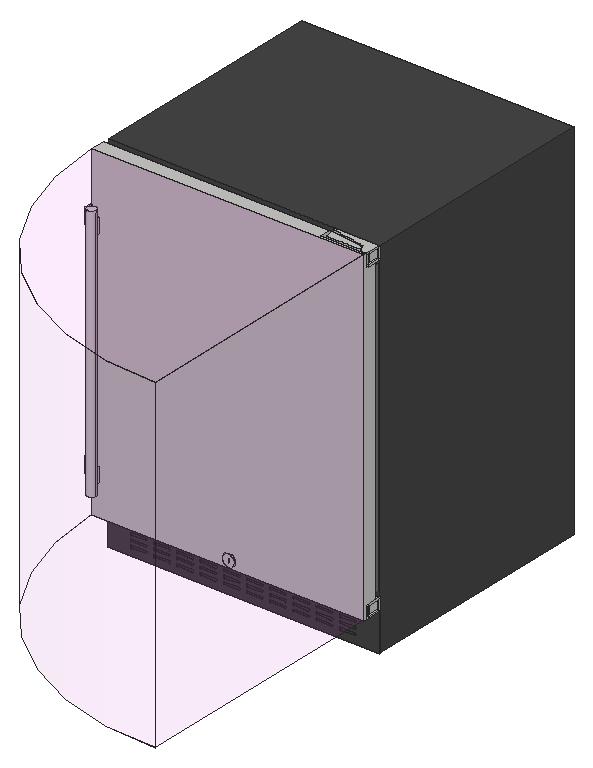
Revit family "QF_Summit_AL54_ADA_Compliant_All_Refrigerator", category Specialty Equipment, Revit 2020 (continued)
Automatic sketch dimensions
  Extrusion 28 sketch curve to Extrusion 28 sketch curve = 0.25294"
  Extrusion 28 sketch curve to Extrusion 28 sketch curve = 0.0578"
  Extrusion 1 to Extrusion 28 sketch curve = 0.6555"
  Extrusion 28 sketch curve to Extrusion 28 sketch curve = 0.6099"
  Extrusion 28 sketch curve to Extrusion 28 sketch curve = 0.73171"
  Extrusion 1 to Extrusion 28 sketch curve = 0.09747"
  Extrusion 28 sketch curve to Extrusion 28 sketch curve = 2.52979"
  Extrusion 1 to Extrusion 28 sketch curve = 0.25097"
  Extrusion 28 sketch curve to Extrusion 28 sketch curve = 0.02431"
  Extrusion 28 sketch curve to Extrusion 28 sketch curve = 0.50276"
  Extrusion 28 sketch curve to Extrusion 28 sketch curve = 0.06674"
  Extrusion 29 sketch curve to plane 13 = 3/8"
  Extrusion 29 sketch curve to plane 4 "RIGHT" = 1 1/4"
  Extrusion 30 sketch curve to Extrusion 30 sketch curve = 0"  (x6)
  Extrusion 30 sketch curve to plane 4 "RIGHT" = 0"
  Extrusion 30 sketch curve to plane 4 "RIGHT" = 0.04264"
  Extrusion 30 sketch curve to Extrusion 30 sketch curve = 0.05736"  (x2)
  Extrusion 30 sketch curve to plane 4 "RIGHT" = 0.89527"
  Extrusion 30 sketch curve to Extrusion 30 sketch curve = 0.06658"
  Extrusion 30 sketch curve to Extrusion 30 sketch curve = 0.28815"
  Extrusion 30 sketch curve to Extrusion 30 sketch curve = 1/4"
  plane 4 "RIGHT" to Extrusion 30 sketch curve = 0.025"
  plane 4 "RIGHT" to Extrusion 30 sketch curve = 0.08236"
  plane 4 "RIGHT" to Extrusion 30 sketch curve = 1/8"
  plane 5 "FRONT" to Extrusion 30 sketch curve = 0.49314"
  Extrusion 30 sketch curve to plane 5 "FRONT" = 0.50686"
  Extrusion 30 sketch curve to Extrusion 30 sketch curve = 0.06507"
  Extrusion 30 sketch curve to plane 13 = 0.89612"
  Extrusion 30 sketch curve to Extrusion 30 sketch curve = 0.08192"
  Extrusion 30 sketch curve to Extrusion 30 sketch curve = 0.08811"
  Extrusion 30 sketch curve to Extrusion 30 sketch curve = 0.1535"
  Extrusion 30 sketch curve to Extrusion 30 sketch curve = 51/256"
  Extrusion 31 sketch curve to Extrusion 31 sketch curve = 0"  (x6)
  Extrusion 31 sketch curve to plane 4 "RIGHT" = 0"
  Extrusion 31 sketch curve to plane 4 "RIGHT" = 0.04264"
  Extrusion 31 sketch curve to Extrusion 31 sketch curve = 0.05736"  (x2)
  Extrusion 31 sketch curve to plane 4 "RIGHT" = 0.89527"
  Extrusion 31 sketch curve to Extrusion 31 sketch curve = 0.06658"
  Extrusion 31 sketch curve to Extrusion 31 sketch curve = 0.28815"
  Extrusion 31 sketch curve to Extrusion 31 sketch curve = 1/4"
  plane 4 "RIGHT" to Extrusion 31 sketch curve = 0.025"
  plane 4 "RIGHT" to Extrusion 31 sketch curve = 0.08236"
  Extrusion 31 sketch curve to Extrusion 31 sketch curve = 0.04264"
  plane 5 "FRONT" to Extrusion 31 sketch curve = 0.49314"
  Extrusion 31 sketch curve to plane 5 "FRONT" = 0.50686"
  Extrusion 31 sketch curve to Extrusion 31 sketch curve = 0.06507"
  Extrusion 31 sketch curve to plane 13 = 0.89612"
  Extrusion 31 sketch curve to Extrusion 31 sketch curve = 0.08192"
  Extrusion 31 sketch curve to Extrusion 31 sketch curve = 0.08811"
  Extrusion 31 sketch curve to Extrusion 31 sketch curve = 0.1535"
  Extrusion 31 sketch curve to Extrusion 31 sketch curve = 51/256"
  Extrusion 32 sketch curve to plane 3 "LEFT" = 0"
  Extrusion 32 sketch curve to plane 11 = 0"
  Extrusion 32 sketch curve to plane 11 = 0.09747"
  Extrusion 32 sketch curve to Extrusion 32 sketch curve = 0.15349"
  Extrusion 32 sketch curve to plane 11 = 0.6555"
  Extrusion 32 sketch curve to plane 5 "FRONT" = 0.59174"
  Extrusion 32 sketch curve to Extrusion 32 sketch curve = 0.06674"
  Extrusion 32 sketch curve to Extrusion 32 sketch curve = 0.1588"
  Extrusion 32 sketch curve to plane 5 "FRONT" = 0.32542"
  plane 3 "LEFT" to Extrusion 32 sketch curve = 0.26917"
  Extrusion 32 sketch curve to Extrusion 32 sketch curve = 0.0578"
  Extrusion 32 sketch curve to Extrusion 32 sketch curve = 0.6099"
  Extrusion 32 sketch curve to Extrusion 32 sketch curve = 2.52979"
  Extrusion 32 sketch curve to Extrusion 32 sketch curve = 0.02431"
  Extrusion 28 to Extrusion 33 sketch curve = 0.26535"
  Extrusion 28 to Extrusion 33 sketch curve = 1.20502"
  Extrusion 34 sketch curve to Extrusion 28 = 0"  (x3)
  Extrusion 34 sketch curve to Extrusion 28 = 0.85777"
  Extrusion 35 sketch curve to Extrusion 28 = 0"
  Extrusion 28 to Extrusion 35 sketch curve = 1/8"  (x2)
  Extrusion 28 to Extrusion 35 sketch curve = 0.9457"
  plane 3 "LEFT" to Extrusion 36 sketch curve = 0.26535"
  Extrusion 36 sketch curve to plane 5 "FRONT" = 0.54498"
  Extrusion 37 sketch curve to plane 11 = 1/8"
  plane 3 "LEFT" to Extrusion 37 sketch curve = 3 7/8"
  plane 3 "LEFT" to Extrusion 37 sketch curve = 1/8"
  Extrusion 37 sketch curve to plane 5 "FRONT" = 0.8043"
  Extrusion 38 sketch curve to plane 3 "LEFT" = 0"
  Extrusion 38 sketch curve to plane 11 = 0"
  Extrusion 38 sketch curve to plane 11 = 0.09747"
  Extrusion 38 sketch curve to Extrusion 38 sketch curve = 0.15349"
  Extrusion 38 sketch curve to plane 11 = 0.6555"
  Extrusion 38 sketch curve to plane 5 "FRONT" = 0.59174"
  Extrusion 38 sketch curve to Extrusion 38 sketch curve = 0.06674"
  Extrusion 38 sketch curve to Extrusion 38 sketch curve = 0.1588"
  Extrusion 38 sketch curve to plane 5 "FRONT" = 0.32542"
  plane 3 "LEFT" to Extrusion 38 sketch curve = 0.26917"
  Extrusion 38 sketch curve to Extrusion 38 sketch curve = 0.0578"
  Extrusion 38 sketch curve to Extrusion 38 sketch curve = 0.6099"
  Extrusion 38 sketch curve to Extrusion 38 sketch curve = 2.52979"
  Extrusion 38 sketch curve to Extrusion 38 sketch curve = 0.02431"
  Extrusion 39 sketch curve to plane 3 "LEFT" = 0"
  Extrusion 39 sketch curve to plane 11 = 0"
  plane 3 "LEFT" to Extrusion 39 sketch curve = 0.26917"
  Extrusion 39 sketch curve to plane 5 "FRONT" = 0.43294"
  Extrusion 39 sketch curve to Extrusion 39 sketch curve = 0.25294"
  Extrusion 39 sketch curve to Extrusion 39 sketch curve = 0.0578"
  Extrusion 39 sketch curve to plane 11 = 0.6555"
  Extrusion 39 sketch curve to Extrusion 39 sketch curve = 0.6099"
  Extrusion 39 sketch curve to plane 5 "FRONT" = 0.32542"
  Extrusion 39 sketch curve to Extrusion 39 sketch curve = 0.73171"
  Extrusion 39 sketch curve to plane 11 = 0.09747"
  Extrusion 39 sketch curve to Extrusion 39 sketch curve = 2.52979"
  Extrusion 39 sketch curve to plane 11 = 0.25097"
  Extrusion 39 sketch curve to Extrusion 39 sketch curve = 0.02431"
  Extrusion 38 to Extrusion 40 sketch curve = 0"  (x2)
  Extrusion 40 sketch curve to Extrusion 38 = 0"
  Extrusion 40 sketch curve to Extrusion 40 sketch curve = 0.85777"
  Extrusion 41 sketch curve to plane 3 "LEFT" = 0"
  plane 5 "FRONT" to Extrusion 41 sketch curve = 0"
  Extrusion 41 sketch curve to plane 4 "RIGHT" = 0"
  Extrusion 41 sketch curve to plane 3 "LEFT" = 0.98977"
  Extrusion 42 sketch curve to Extrusion 2 = 0"  (x3)
  Extrusion 2 to Extrusion 42 sketch curve = 0"
  Extrusion 4 to Extrusion 2 sketch curve = 1 1/2"  (x2)
  Extrusion 26 sketch curve to Extrusion 2 = 0.63646"
  Extrusion 26 sketch curve to Extrusion 2 = 11 9/16"
  Extrusion 42 sketch curve to Extrusion 2 = 1.10777"  (x2)
  Extrusion 42 sketch curve to Extrusion 2 = 3.8749"
  Extrusion 42 sketch curve to Extrusion 42 sketch curve = 3 7/8"
  Extrusion 4 to Extrusion 43 sketch curve = 1/8"  (x2)
  Extrusion 4 to Extrusion 43 sketch curve = 1 1/2"  (x2)
  Extrusion 43 sketch curve to Extrusion 4 = 3.7499"  (x2)
  Extrusion 4 to Extrusion 43 sketch curve = 0.39223"  (x2)
  radius of Extrusion 6 sketch curve = 1/4"
  radius of Extrusion 17 sketch curve = 0.18618"
  radius of Extrusion 20 sketch curve = 0.18618"
  radius of Extrusion 26 sketch curve = 9/16"
  radius of Extrusion 27 sketch curve to Extrusion 26 = 1/16"
  radius of Extrusion 29 sketch curve = 3/8"
  radius of Extrusion 33 sketch curve = 0.18618"
  radius of Extrusion 36 sketch curve = 0.18618"
Connectors (in)
  electrical at (20.5, 0.0625, 2.30244), driven by "Volts"
    settings: on Extrusion 6, index 1, voltage 115 V, apparent load 0 VA, apparent load phase1 0 VA, apparent load phase2 0 VA, apparent load phase3 0 VA, power factor 1, load classification "Other", number of poles 1, system type 30, power factor state 1, is connector primary yes, connector utility no, sub classification motor no, connector description "Electrical Connection"
